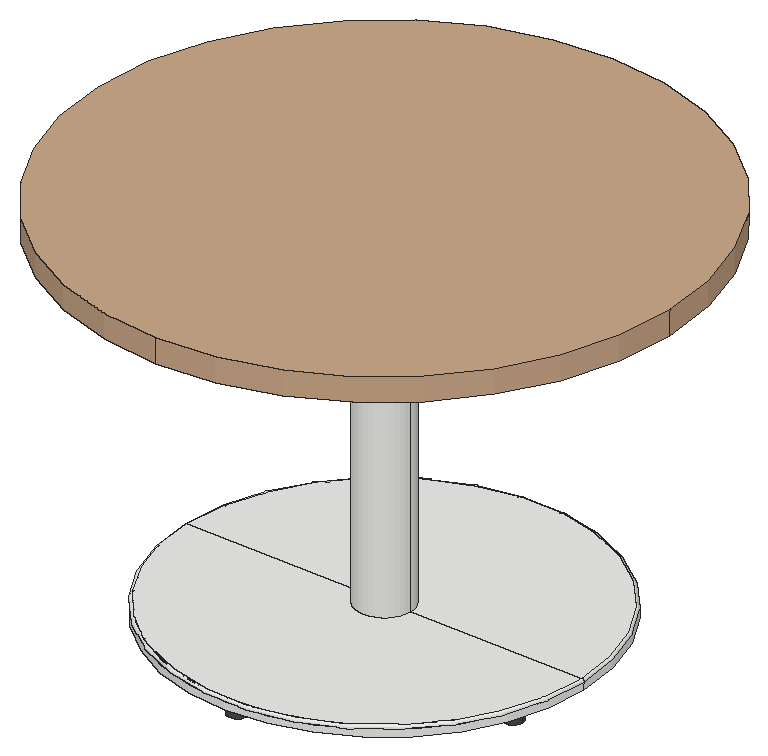
Revit family "Table-Teknion-ATCDL_Circular_Lounge_Table-R2022", category Furniture, Revit 2022
Family settings
  OmniClass Number = 23.40.20.00
  OmniClass Title = General Furniture and Specialties
  Work Plane-Based = No
  Always vertical = Yes
  Cut with Voids When Loaded = No
  Render Appearance Source = Family Geometry
  Shared = Yes
  Room Calculation Point = No
Parameters (values of type "Circular Lounge Table")
  Width [instance] = 30.000"
  Warranty = "http://www.teknion.com/ca/papers/legal-canada"
  Unit Weight URL = "http://www.teknion.com/ca/tools/assets#&asset=bee6a381-b954-425e-8283-5a2de3a804f2,f828d448-4b62-4231-9e5f-9a8991c0ed77"
  URL = "www.teknion.com"
  To render please download texture images found here [instance] = "https://assets.teknion.com/web/5e81352c1dfdb467/revit-material-swatches/"
  Sustainability Data = "https://www.teknion.com/ca/tools/assets#&topic=216f99a5-57a0-44fc-b10a-9dee9b29ae4c&asset=444deb64-fe58-4b68-981e-f75e97781df7,b4ff2d81-9f2e-437d-9659-7cffb09c31cf"
  Surface Finish [instance] = Veneer-Teknion-LV-Natural_Veneer_V3-Natural_Pecan_Flat_Cut
  Series = "Tables & Collaborative Spaces"  # constant formula
  Product Page URL = ""
  Product Line = "Monopod Base Tables"  # constant formula
  Product Documentation Link = ""
  Part Number = "ATCDL"  # constant formula
  Model = "ATCDL___"  # constant formula
  Metal Disk Finish [instance] = Paint - Teknion - Mica - Very White
  Manufacturer Phone = "416-661-3370"  # constant formula
  Manufacturer Fax = "416.661.4586"  # constant formula
  Manufacturer Contact Information = "http://www.teknion.com/ca/contactus"
  Manufacturer Address = "1150 Flint Road, Toronto, ON. M3J 2J5. Canada"  # constant formula
  Manufacturer = "Teknion"  # constant formula
  How To Use Teknion Materials User Guide [instance] = "https://assets.teknion.com/m/205dd0a49fa58060/original/How-to-add-a-Material-Library-and-Texture-Images-to-your-Revit-project.pdf"
  For Additional Finishes please visit [instance] = "https://assets.teknion.com/m/44a8009b046e5d47/original/Teknion_Materials_Library.zip"
  Description = "Circular Lounge Table"
  Default Elevation = 0.000"
  Base Finish [instance] = Paint - Teknion - Mica - Very White
  Available Width [instance] = "Available in 24 & 30 Inches"  # constant formula
  Assembly Code = "E2020200"
Reference planes (in)
  plane 1 "Center Front/Back": y = 0
  plane 2: z = 0
  plane 3 "Center Left/Right": x = 0
  plane 4 "Left": x = -15
  plane 5 "Right": x = 15
  plane 6 "Back": y = 15
  plane 7 "Front": y = -15
  plane 8 "Top": z = 20
Forms (in)
  Sweep 1, solid, material "Paint - Teknion - 52 - Ebony"
    path origin (0, 0, 0) x (1, 0, 0) y (0, 0, 1)
      loop
        line (0, 0) -> (0, 0.51969)
    profile origin (0, 0, 0.25984) x (-1, 0, 0) y (0, -1, 0)
      loop
        circle (5.65981, -7.78482) r 0.5
      loop
        circle (9.15465, 2.97605) r 0.5
      loop
        circle (0, 9.62762) r 0.5
      loop
        circle (-5.65981, -7.78482) r 0.5
      loop
        circle (-9.15465, 2.97605) r 0.5
  Revolve 2, solid, material "Paint - Teknion - Mica - Very White" <- "Metal Disk Finish"
    sketch origin (0, 0, 0) x (1, 0, 0) y (0, 0, 1)
      loop
        line (-1.26187, 0.51969) -> (-1.26187, 1.01969) -> (-10.36768, 1.01969)
        arc (-10.36768, 1.01969) -> (-10.46124, 0.98093) -> (-10.5, 0.88736) r 0.13232
        line (-10.5, 0.88736) -> (-10.5, 0.51969) -> (-1.26187, 0.51969)
      axis (0, 0.51969) -> (0, 1.01969)
    angle from 0 to 360
  Sweep 3, solid, material "Paint - Teknion - Mica - Very White" <- "Metal Disk Finish"
    path origin (0, 0, 0) x (1, 0, 0) y (0, 0, 1)
      loop
        line (0, 18.62352) -> (0, 18.81102)
    profile origin (0, 0, 18.71727) x (-1, 0, 0) y (0, -1, 0)
      loop
        line (-5.43307, -5.80709) -> (5.43307, -5.80709)
        arc (5.43307, -5.80709) -> (5.69754, -5.69754) -> (5.80709, -5.43307) r 0.37402
        line (5.80709, -5.43307) -> (5.80709, 5.43307)
        arc (5.80709, 5.43307) -> (5.69754, 5.69754) -> (5.43307, 5.80709) r 0.37402
        line (5.43307, 5.80709) -> (-5.43307, 5.80709)
        arc (-5.43307, 5.80709) -> (-5.69754, 5.69754) -> (-5.80709, 5.43307) r 0.37402
        line (-5.80709, 5.43307) -> (-5.80709, -5.43307)
        arc (-5.80709, -5.43307) -> (-5.69754, -5.69754) -> (-5.43307, -5.80709) r 0.37402
  Sweep 4, solid, material "Veneer-Teknion-LV-Natural_Veneer_V3-Natural_Pecan_Flat_Cut" <- "Surface Finish"
    path origin (0, 0, 0) x (1, 0, 0) y (0, 0, 1)
      loop
        line (0, 20) -> (0, 18.81102)
    profile origin (0, 0, 19.40551) x (0, -1, 0) y (1, 0, 0)
      loop
        arc (0, -15) -> (10.6066, -10.6066) -> (15, 0) r 15
        arc (15, 0) -> (10.6066, 10.6066) -> (0, 15) r 15
        arc (0, 15) -> (-10.6066, 10.6066) -> (-15, 0) r 15
        arc (-15, 0) -> (-10.6066, -10.6066) -> (0, -15) r 15
  Revolve 5, solid, material "Paint - Teknion - Mica - Very White" <- "Base Finish"
    sketch origin (0, 0, 0) x (1, 0, 0) y (0, 0, 1)
      loop
        line (-1.26187, 1.01969) -> (-1.26187, 18.62352) -> (-1.38717, 18.62352) -> (-1.38717, 1.01969) -> (-1.26187, 1.01969)
      axis (0, 1.01969) -> (0, 18.62352)
    angle from 0 to 360
Lines and regions (in)
  Masking region 1
    outline origin (0, 0, 0) x (1, 0, 0) y (0, 1, 0)
      loop
        arc (0, 15) -> (-10.6066, 10.6066) -> (-15, 0) r 15
        arc (-15, 0) -> (-10.6066, -10.6066) -> (0, -15) r 15
        arc (0, -15) -> (10.6066, -10.6066) -> (15, 0) r 15
        arc (15, 0) -> (10.6066, 10.6066) -> (0, 15) r 15
  reference lines
    curve 1: line (-15, 15, 0) -> (15, 15, 0)
    curve 2: line (-15, 15, 0) -> (-15, -15, 0)
    curve 3: line (-15, -15, 0) -> (15, -15, 0)
    curve 4: line (15, 15, 0) -> (15, -15, 0)
  symbolic lines, style "FurnitureHiddenLines", detail levels medium+fine
    curve 5: line (-5.80709, 5.43307, 0) -> (-5.80709, -5.43307, 0)
    curve 6: arc (-5.80709, -5.43307, 0) -> (-5.69754, -5.69754, 0) -> (-5.43307, -5.80709, 0) r 0.37402
    curve 7: line (-5.43307, -5.80709, 0) -> (5.43307, -5.80709, 0)
    curve 8: arc (5.43307, -5.80709, 0) -> (5.69754, -5.69754, 0) -> (5.80709, -5.43307, 0) r 0.37402
    curve 9: line (5.80709, -5.43307, 0) -> (5.80709, 5.43307, 0)
    curve 10: arc (5.80709, 5.43307, 0) -> (5.69754, 5.69754, 0) -> (5.43307, 5.80709, 0) r 0.37402
    curve 11: line (5.43307, 5.80709, 0) -> (-5.43307, 5.80709, 0)
    curve 12: arc (-5.43307, 5.80709, 0) -> (-5.69754, 5.69754, 0) -> (-5.80709, 5.43307, 0) r 0.37402
    curve 13: arc (1.38717, 0, 0) -> (0, -1.38717, 0) -> (-1.38717, 0, 0) r 1.38717
    curve 14: arc (-1.38717, 0, 0) -> (0, 1.38717, 0) -> (1.38717, 0, 0) r 1.38717
    curve 15: arc (-10.5, 0, 0) -> (0, 10.5, 0) -> (10.5, 0, 0) r 10.5
    curve 16: arc (10.5, 0, 0) -> (0, -10.5, 0) -> (-10.5, 0, 0) r 10.5
  symbolic lines, style "FurnitureHiddenLines", detail levels fine
    curve 17: arc (-8.65465, -2.97605, 0) -> (-9.15465, -2.47605, 0) -> (-9.65465, -2.97605, 0) r 0.5
    curve 18: arc (-9.65465, -2.97605, 0) -> (-9.15465, -3.47605, 0) -> (-8.65465, -2.97605, 0) r 0.5
    curve 19: arc (-6.15981, 7.78482, 0) -> (-5.65981, 7.28482, 0) -> (-5.15981, 7.78482, 0) r 0.5
    curve 20: arc (-5.15981, 7.78482, 0) -> (-5.65981, 8.28482, 0) -> (-6.15981, 7.78482, 0) r 0.5
    curve 21: arc (5.15981, 7.78482, 0) -> (5.65981, 7.28482, 0) -> (6.15981, 7.78482, 0) r 0.5
    curve 22: arc (6.15981, 7.78482, 0) -> (5.65981, 8.28482, 0) -> (5.15981, 7.78482, 0) r 0.5
    curve 23: arc (8.65465, -2.97605, 0) -> (9.15465, -3.47605, 0) -> (9.65465, -2.97605, 0) r 0.5
    curve 24: arc (9.65465, -2.97605, 0) -> (9.15465, -2.47605, 0) -> (8.65465, -2.97605, 0) r 0.5
    curve 25: arc (-0.5, -9.62762, 0) -> (0, -10.12762, 0) -> (0.5, -9.62762, 0) r 0.5
    curve 26: arc (0.5, -9.62762, 0) -> (0, -9.12762, 0) -> (-0.5, -9.62762, 0) r 0.5
    curve 27: arc (1.26187, 0, 0) -> (0, -1.26187, 0) -> (-1.26187, 0, 0) r 1.26187
    curve 28: arc (-1.26187, 0, 0) -> (0, 1.26187, 0) -> (1.26187, 0, 0) r 1.26187
Dimensions and locks (in)
  "Width": plane 4 "Left" to plane 5 "Right"
  "Width": plane 6 "Back" to plane 7 "Front"
  plane 8 "Top" to level = 20.000"
  equal spacing: plane 4 "Left", plane 3 "Center Left/Right", plane 5 "Right"
  equal spacing: plane 7 "Front", plane 1 "Center Front/Back", plane 6 "Back"
  locked: Sweep 1 sketch curve to plane 2 at 0.51969
  Sweep 1 sketch curve to Sweep 1 sketch curve to Sweep 1 sketch curve to plane 1 "Center Front/Back" to Sweep 1 sketch curve to Sweep 1 sketch curve = 6.65158" locked, 0.000" locked, 2.97605" locked, 7.78482" locked, 0.000" locked
  Sweep 1 sketch curve to Sweep 1 sketch curve to plane 3 "Center Left/Right" to Sweep 1 sketch curve to Sweep 1 sketch curve to Sweep 1 sketch curve = 3.49484" locked, 5.65981" locked, 0.000" locked, 5.65981" locked, 3.49484" locked
  plane 8 "Top" to Sweep 3 sketch curve to Sweep 3 sketch curve = 1.18898" locked, 0.1875" locked
  Sweep 3 sketch curve to Sweep 3 sketch curve to Sweep 3 sketch curve to plane 1 "Center Front/Back" to Sweep 3 sketch curve to Sweep 3 sketch curve to Sweep 3 sketch curve = 0.37402" locked, 0.000" locked, 5.43307" locked, 5.43307" locked, 0.000" locked, 0.37402" locked
  Sweep 3 sketch curve to Sweep 3 sketch curve to Sweep 3 sketch curve to plane 3 "Center Left/Right" to Sweep 3 sketch curve to Sweep 3 sketch curve to Sweep 3 sketch curve = 0.37402" locked, 0.000" locked, 5.43307" locked, 5.43307" locked, 0.000" locked, 0.37402" locked
  locked: plane 8 "Top" to Sweep 4 sketch curve at 1.18898
  plane 3 "Center Left/Right" to Revolve 2 sketch curve to Revolve 2 sketch curve to Revolve 2 sketch curve = 1.26187" locked, 9.10581" locked, 0.13232" locked
  Revolve 2 sketch curve to Revolve 2 sketch curve to Revolve 2 sketch curve to plane 2 = 0.13232" locked, 0.36768" locked, 0.51969" locked
  plane 3 "Center Left/Right" to Revolve 5 sketch curve to Revolve 5 sketch curve = 1.26187" locked, 0.1253" locked
  Revolve 5 sketch curve to Revolve 5 sketch curve to plane 2 = 17.60384" locked, 1.01969" locked
  aligned and locked: level to plane 2
  aligned and locked: plane 2 to Sweep 1 sketch curve
  aligned and locked: Sweep 1 sketch curve to plane 3 "Center Left/Right"
  aligned and locked: plane 3 "Center Left/Right" to Sweep 3 sketch curve
  aligned and locked: Sweep 4 sketch curve to plane 3 "Center Left/Right"
  aligned and locked: plane 8 "Top" to Sweep 4 sketch curve
  aligned and locked: plane 4 "Left" to Sweep 4 sketch curve
  aligned and locked: plane 6 "Back" to Sweep 4 sketch curve
  aligned and locked: plane 5 "Right" to Sweep 4 sketch curve
  aligned and locked: plane 7 "Front" to Sweep 4 sketch curve
  aligned and locked: curve 1 to plane 6 "Back"
  aligned and locked: curve 2 to plane 4 "Left"
  aligned and locked: plane 7 "Front" to curve 3
  aligned and locked: plane 5 "Right" to curve 4
  aligned and locked: Masking region 1 sketch curve to Sweep 4  (x4)
  aligned and locked: curve 6 to Sweep 3
  aligned and locked: curve 8 to Sweep 3
  aligned and locked: curve 10 to Sweep 3
  aligned and locked: curve 12 to Sweep 3
  aligned and locked: curve 13 to Revolve 5
  aligned and locked: curve 14 to Revolve 5
  aligned and locked: curve 15 to Revolve 2
  aligned and locked: curve 16 to Revolve 2
  aligned and locked: curve 17 to Sweep 1
  aligned and locked: curve 18 to Sweep 1
  aligned and locked: curve 19 to Sweep 1
  aligned and locked: curve 20 to Sweep 1
  aligned and locked: curve 21 to Sweep 1
  aligned and locked: curve 22 to Sweep 1
  aligned and locked: curve 23 to Sweep 1
  aligned and locked: curve 24 to Sweep 1
  aligned and locked: curve 25 to Sweep 1
  aligned and locked: curve 26 to Sweep 1
  aligned and locked: curve 27 to Revolve 5
  aligned and locked: curve 28 to Revolve 5
  aligned and locked: plane 3 "Center Left/Right" to nested 1
  aligned and locked: plane 1 "Center Front/Back" to nested 1
Automatic sketch dimensions
  Sweep 4 sketch curve to Sweep 4 sketch curve = 0.000"
  Revolve 2 sketch curve to plane 3 "Center Left/Right" = 0.000"
  Revolve 2 sketch curve to plane 8 "Top" = 5.98031"
  plane 8 "Top" to Revolve 2 sketch curve = 2.01969"
  Revolve 5 sketch curve to plane 3 "Center Left/Right" = 0.000"
  Revolve 5 sketch curve to plane 8 "Top" = 0.62648"
  plane 8 "Top" to Revolve 5 sketch curve = 0.37352"
  radius of Sweep 1 sketch curve = 0.500"  (x5)
Nested families (in)
  nested 1: "Teknion_2D_Node_Family-R2021" at (0, 0, 0), type "Teknion_2D_Node_Family-R2021"
Definition of nested family "Teknion_2D_Node_Family-R2021"
  Reference planes (in)
    plane 1 "Center (Front/Back)": y = 0
    plane 2: z = 0
    plane 3 "Center (Left/Right)": x = 0
  Lines and regions (in)
    detail lines, in view "Ref. Level"
      curve 1: circle (0, 0, 0) r 1.25 normal (0, 0, 1)
      curve 2: line (1.91508, -1.91508, 0) -> (-1.91508, 1.91508, 0)
      curve 3: line (-1.91508, -1.91508, 0) -> (1.91508, 1.91508, 0)
